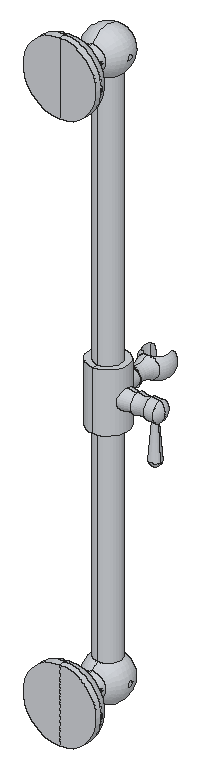
Revit family "SA-1402", category Plumbing Equipment, host Wall, Revit 2023
Family settings
  Host = Wall
  Round Connector Dimension = Use Diameter
  Classification = None
  Part Type = Normal
  Always vertical = Yes
  Cut with Voids When Loaded = No
  Maintain Annotation Orientation = No
  Shared = No
  Room Calculation Point = No
Parameters
  Material = Steel
  Default Elevation = 0' - 0"
Reference planes (in)
  plane 1: y = 0
  plane 2 "Center (Left/Right)": x = 0
  plane 3 "Wall Edge": y = 3
Text (in)
  text "Placement Side" at (-70.3804, 28.46503, 0), in view "Ref. Level"
  text "Placement Side" at (0, 81.62555, 140.59947), in view "Right"
Dimensions and locks (in)
  locked: plane 3 "Wall Edge" to host wall
  nested 1 to nested 1 = 1' - 10 1/8"
  nested 1 to nested 1 = 0' - 3"
  nested 1 to nested 1 = 0' - 2 7/8"
  nested 1 to nested 1 = 0' - 3 1/4"
  nested 1 to nested 1 = 0' - 2 3/8"
  nested 1 to nested 1 = 0' - 3 5/8"
  nested 1 to nested 1 = 2' - 1"
Nested families (in)
  nested 1: "SA-1402" at (0, 3, 0) x (0, 0, -1) z (0, 1, 0), type "SA-1402"
Definition of nested family "SA-1402"
  Parameters (values of type "SA-1402")
    Maerial = none
    Default Elevation = 4' - 0"
  Reference planes (in)
    plane 1 "Center (Front/Back)": y = 0
    plane 2: z = 0
    plane 3 "Center (Left/Right)": x = 0
    plane 4: x = -11.0625
    plane 5: z = 2.375
    plane 6: z = 3.25
    plane 7: z = 1.6247
    plane 8: z = 5.2497
    plane 9: y = -2.2497
    plane 10: y = 0.7503
    plane 11: y = 1.4375
    plane 12: y = -1.4375
    plane 13: x = 11.0625
  Forms (in)
    Extrusion 1, solid
      sketch origin (0, 0, 0) x (1, 0, 0) y (0, 1, 0)
        loop
          line (-48, 48) -> (-48, -48) -> (48, -48) -> (48, 48) -> (-48, 48)
      from 0 to -12
    Revolve 2, solid, material <- "Maerial"
      sketch origin (0, 0, 0) x (1, 0, 0) y (0, 0, 1)
        loop
          arc (-12.36287, 0.55184) -> (-12.44328, 0.40825) -> (-12.5, 0.25378) r 1.03893
          line (-12.5, 0.25378) -> (-12.5, 0) -> (-11.0625, 0) -> (-11.0625, 3.25)
          arc (-11.0625, 3.25) -> (-11.90126, 2.62421) -> (-11.54028, 1.64196) r 0.875
          line (-11.54028, 1.64196) -> (-11.40306, 0.7756) -> (-11.60243, 0.7756)
          arc (-11.60243, 0.7756) -> (-11.71393, 0.70779) -> (-11.76451, 0.58748) r 0.21177
          line (-11.76451, 0.58748) -> (-12.36287, 0.55184)
        axis (-11.0625, 0) -> (-11.0625, 3.25)
      angle from 0 to 360
    Sweep 3, solid, material <- "Maerial"
      path origin (0, 0, 0) x (1, 0, 0) y (0, 0, 1)
        loop
          line (-11.08739, 2.375) -> (11.08739, 2.375)
      profile origin (0, 0, 2.375) x (0, 0, 1) y (0, -1, 0)
        loop
          circle (0, 0) r 0.5
    Revolve 4, solid, material <- "Maerial"
      sketch origin (0, 0, 0) x (1, 0, 0) y (0, 0, 1)
        loop
          line (-0.13605, 3.1253) -> (-0.13605, 2.375) -> (2.17645, 2.375) -> (2.17645, 3.1253) -> (-0.13605, 3.1253)
        axis (-0.13605, 2.375) -> (2.17645, 2.375)
      angle from 0 to 360
    Revolve 5, solid, material <- "Maerial"
      sketch origin (0.00802, 0, 0) x (1, 0, 0) y (0, 0, 1)
        loop
          arc (1.01217, 5.40677) -> (0.43914, 5.02153) -> (0.5796, 4.34547) r 0.61881
          arc (0.5796, 4.34547) -> (0.71219, 3.96025) -> (0.6433, 3.55871) r 0.82112
          line (0.6433, 3.55871) -> (0.70152, 3.55871) -> (0.61173, 2.99183) -> (1.01217, 2.99183) -> (1.01217, 5.40677)
        axis (1.01217, 2.99183) -> (1.01217, 5.40677)
      angle from 0 to 360
    Revolve 6, solid, material <- "Maerial"
      sketch origin (-9.96925, -180, 2.375) x (-1, 0, 0) y (0, -1, 0)
        loop
          line (-10.99343, -179.38743) -> (-10.99343, -177.7503)
          arc (-10.99343, -177.7503) -> (-11.2109, -177.8013) -> (-11.38302, -177.94367) r 0.48916
          line (-11.38302, -177.94367) -> (-11.38302, -178.2938)
          arc (-11.38302, -178.2938) -> (-11.32166, -178.55184) -> (-11.3747, -178.81172) r 0.6149
          line (-11.3747, -178.81172) -> (-11.30308, -178.81172) -> (-11.4046, -179.38743) -> (-10.99343, -179.38743)
        axis (-10.99343, -179.38743) -> (-10.99343, -177.7503)
      angle from 0 to 360
    Revolve 7, solid, material <- "Maerial"
      sketch origin (-9.96925, -180, 2.375) x (-1, 0, 0) y (0, -1, 0)
        loop
          arc (-12.96279, -178.13475) -> (-12.9089, -178.28248) -> (-12.77254, -178.3608) r 0.22942
          line (-12.77254, -178.3608) -> (-11.29483, -178.24411) -> (-11.29483, -178.13475) -> (-12.96279, -178.13475)
        axis (-11.29483, -178.13475) -> (-12.96279, -178.13475)
      angle from 0 to 360
    Extrusion 8, void
      sketch origin (0, 0, 0) x (1, 0, 0) y (0, 0, 1)
        loop
          line (1.41404, 5.23247) -> (1.41404, 3.93464) -> (2.23959, 3.93464) -> (2.23959, 5.23247) -> (1.41404, 5.23247)
        loop
          line (0.24637, 5.30684) -> (0.24637, 3.89002) -> (0.61081, 3.89002) -> (0.61081, 5.30684) -> (0.24637, 5.30684)
        loop
          line (11.81239, 3.11064) -> (11.81239, 1.31213) -> (13.23977, 1.31213) -> (13.23977, 3.11064) -> (11.81239, 3.11064)
      from -0.5 to 0.5
    Extrusion 9, void
      sketch origin (1.41404, 0, 5.15065) x (0, 0, -1) y (0, -1, 0)
        loop
          arc (0.14751, -0.41112) -> (0.82672, 0) -> (0.14751, 0.41112) r 0.46403
          line (0.14751, 0.41112) -> (-0.37494, 0.41112) -> (-0.37494, -0.41112) -> (0.14751, -0.41112)
      from -0.12646 to 3.03556
    Extrusion 10, void
      sketch origin (-9.96925, -180, 2.375) x (0, -1, 0) y (-1, 0, 0)
        loop
          circle (-180, -10.98168) r 0.25
        loop
          circle (-180, -10.98168) r 0.21709
        loop
          line (-180.07812, -10.96605) -> (-180.07812, -10.9973) -> (-180.01562, -10.9973) -> (-180.01562, -11.0598) -> (-179.98437, -11.0598) -> (-179.98437, -10.9973) -> (-179.92187, -10.9973) -> (-179.92187, -10.96605) -> (-179.98437, -10.96605) -> (-179.98437, -10.90355) -> (-180.01562, -10.90355) -> (-180.01562, -10.96605) -> (-180.07812, -10.96605)
      from -1.86698 to -4.57078
    Extrusion 11, void
      sketch origin (0.02489, 0, 0) x (1, 0, 0) y (0, 0, 1)
        loop
          circle (-11.08739, 2.375) r 0.11624
      from 0.85404 to 1
    Extrusion 12, void
      sketch origin (0.02489, 0, 0) x (1, 0, 0) y (0, 0, 1)
        loop
          circle (-11.08739, 1.38911) r 0.13251
      from 0.40537 to 1
    Extrusion 13, void
      sketch origin (0.02489, -0.85404, 0) x (-1, 0, 0) y (0, 0, 1)
        loop
          line (11.10301, 2.43711) -> (11.07176, 2.43711) -> (11.07176, 2.39063) -> (11.02528, 2.39062) -> (11.02528, 2.35937) -> (11.07176, 2.35938) -> (11.07176, 2.31289) -> (11.10301, 2.31289) -> (11.10301, 2.35938) -> (11.1495, 2.35937) -> (11.1495, 2.39062) -> (11.10301, 2.39063) -> (11.10301, 2.43711)
      from 0 to 0.01717
    Extrusion 14, void
      sketch origin (0.02489, -0.40537, 0) x (-1, 0, 0) y (0, 0, 1)
        loop
          line (11.10301, 1.45121) -> (11.07176, 1.45121) -> (11.07176, 1.40473) -> (11.02528, 1.40473) -> (11.02528, 1.37348) -> (11.07176, 1.37348) -> (11.07176, 1.327) -> (11.10301, 1.327) -> (11.10301, 1.37348) -> (11.1495, 1.37348) -> (11.1495, 1.40473) -> (11.10301, 1.40473) -> (11.10301, 1.45121)
      from 0 to 0.01562
    Revolve 15, solid, material <- "Maerial"
      sketch origin (0, 0, 0) x (-1, 0, 0) y (0, 0, -1)
        loop
          line (-12.36287, -0.55184) -> (-11.76451, -0.58748)
          arc (-11.76451, -0.58748) -> (-11.71393, -0.70779) -> (-11.60243, -0.7756) r 0.21177
          line (-11.60243, -0.7756) -> (-11.40306, -0.7756) -> (-11.54028, -1.64196)
          arc (-11.54028, -1.64196) -> (-11.90126, -2.62421) -> (-11.0625, -3.25) r 0.875
          line (-11.0625, -3.25) -> (-11.0625, 0) -> (-12.5, 0) -> (-12.5, -0.25378)
          arc (-12.5, -0.25378) -> (-12.44328, -0.40825) -> (-12.36287, -0.55184) r 1.03893
        axis (-11.0625, 0) -> (-11.0625, -3.25)
      angle from 0 to 360
    Extrusion 16, void
      sketch origin (-0.02489, 0, 0) x (-1, 0, 0) y (0, 0, -1)
        loop
          circle (-11.08739, -2.375) r 0.11624
      from 0.85404 to 1
    Extrusion 17, void
      sketch origin (-0.02489, 0, 0) x (-1, 0, 0) y (0, 0, -1)
        loop
          circle (-11.08739, -1.38911) r 0.13251
      from 0.40537 to 1
    Extrusion 18, void
      sketch origin (-0.02489, -0.85404, 0) x (1, 0, 0) y (0, 0, -1)
        loop
          line (11.10301, -2.43711) -> (11.10301, -2.39063) -> (11.1495, -2.39062) -> (11.1495, -2.35937) -> (11.10301, -2.35938) -> (11.10301, -2.31289) -> (11.07176, -2.31289) -> (11.07176, -2.35938) -> (11.02528, -2.35937) -> (11.02528, -2.39062) -> (11.07176, -2.39063) -> (11.07176, -2.43711) -> (11.10301, -2.43711)
      from 0 to 0.01717
    Extrusion 19, void
      sketch origin (-0.02489, -0.40537, 0) x (1, 0, 0) y (0, 0, -1)
        loop
          line (11.10301, -1.45121) -> (11.10301, -1.40473) -> (11.1495, -1.40473) -> (11.1495, -1.37348) -> (11.10301, -1.37348) -> (11.10301, -1.327) -> (11.07176, -1.327) -> (11.07176, -1.37348) -> (11.02528, -1.37348) -> (11.02528, -1.40473) -> (11.07176, -1.40473) -> (11.07176, -1.45121) -> (11.10301, -1.45121)
      from 0 to 0.01562
  Cuts and joins
    Extrusion 9, Extrusion 10, Extrusion 11, Extrusion 12, Extrusion 13, Extrusion 14, Extrusion 16, Extrusion 17, Extrusion 18, Extrusion 19 cuts Revolve 2
    Extrusion 9, Extrusion 10, Extrusion 11, Extrusion 12, Extrusion 13, Extrusion 14, Extrusion 16, Extrusion 17, Extrusion 18, Extrusion 19 cuts Sweep 3
    Extrusion 9, Extrusion 10, Extrusion 11, Extrusion 12, Extrusion 13, Extrusion 14, Extrusion 16, Extrusion 17, Extrusion 18, Extrusion 19 cuts Revolve 4
    Extrusion 8, Extrusion 9, Extrusion 10, Extrusion 11, Extrusion 12, Extrusion 13, Extrusion 14, Extrusion 16, Extrusion 17, Extrusion 18, Extrusion 19 cuts Revolve 5
    Extrusion 9, Extrusion 10, Extrusion 11, Extrusion 12, Extrusion 13, Extrusion 14, Extrusion 16, Extrusion 17, Extrusion 18, Extrusion 19 cuts Revolve 6
    Extrusion 9, Extrusion 10, Extrusion 11, Extrusion 12, Extrusion 13, Extrusion 14, Extrusion 16, Extrusion 17, Extrusion 18, Extrusion 19 cuts Revolve 7
    Extrusion 8, Extrusion 16, Extrusion 17, Extrusion 18, Extrusion 19 cuts Revolve 15
    joined: Revolve 2, Sweep 3, Revolve 4, Revolve 5, Revolve 6, Revolve 7, Revolve 15
  Dimensions and locks (in)
    plane 8 to plane 7 = 0' - 3 5/8"
    cut or joined group 1 (Revolve 2, Sweep 3, Revolve 4, Revolve 5, Revolve 6, Revolve 7, Extrusion 8, Extrusion 9, Extrusion 10, Extrusion 11, Extrusion 12, Extrusion 13, Extrusion 14, Revolve 15, Extrusion 16, Extrusion 17, Extrusion 18, Extrusion 19) to cut or joined group 1 = 0' - 2 7/8"
    plane 5 to plane 2 = 0' - 2 3/8"
    plane 6 to cut or joined group 1 = 0' - 3 1/4"
    plane 10 to plane 9 = 0' - 3"
    plane 11 to plane 12 = 0' - 2 7/8"
    aligned and locked: Extrusion 1 to plane 2
    aligned and locked: level to Extrusion 1
